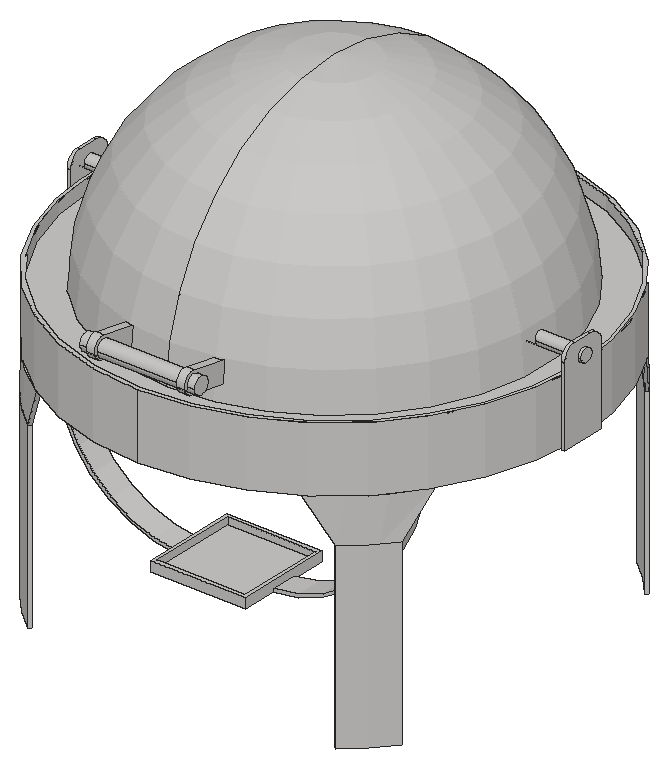
Revit family "QF_Vollrath_46070", category Specialty Equipment, Revit 2016
Family settings
  Part Type = Normal
  Round Connector Dimension = Use Diameter
  OmniClass Number = 23.40.40.14
  OmniClass Title = Food Service Equipment
  Work Plane-Based = No
  Always vertical = Yes
  Cut with Voids When Loaded = No
  Shared = No
  Room Calculation Point = No
Parameters
  Weight in Pounds = 23.62
  Watermarked By = "http://revitwatermark.com"
  URL Cutsheet = ""
  URL = "www.vollrathco.com"
  Status [instance] = ""
  Specification by User [instance] = ""
  Specification by Manufacturer [instance] = ""
  Serial Number [instance] = ""
  Seismic Rating [instance] = ""
  SMACNA No [instance] = ""
  Revision Code [instance] = ""
  NAFEM Spec ID Number [instance] = ""
  Model = "46070"
  Masterspec [instance] = ""
  Manufacturer = "Vollrath"
  Item Number [instance] = "-"
  Installed By [instance] = ""
  Height AFF [instance] = 3' - 0"
  Furnished By [instance] = ""
  Foodservice Equipment Identifier [instance] = yes
  Description = "New York, New York Chafer"
  CSI MasterFormat = "11 40 00"
  Assembly Code = "E1090310"
Reference planes (in)
  plane 1 "BACK": y = 0
  plane 2: z = 0
  plane 3 "LEFT": x = -12
  plane 4 "RIGHT": x = 7
  plane 5 "FRONT": y = -19
  plane 6 "Center LR": y = -9.5
  plane 7 "Center FB": x = -2.5
  plane 8 "Middle": z = 46.5
  plane 9: z = 47.125
  plane 10 "Handle": z = 47.75
  plane 11 "Top of Legs": z = 44.625
  plane 12 "Table Top": z = 36
  plane 13: x = -4.3125
  plane 14: x = -0.6875
  plane 15: y = -7.6875
  plane 16: y = -11.3125
  plane 17: z = 54.5
  plane 18: z = 44.75
  plane 19: z = 39
  plane 20: z = 39.375
  plane 21 "Leg Split": z = 42.9375
  plane 22: y = -14.1875
Forms (in)
  Extrusion 1, solid, material "QF_Finishes_Stainless Steel"
    sketch origin (0, 0, 36) x (0, 1, 0) y (-1, 0, 0)
      loop
        circle (-9.5, 2.5) r 9.375
      loop
        circle (-9.5, 2.5) r 9.25
    from 8.625 to 11.125
  Revolve 2, solid, material "QF_Finishes_Polished Steel"
    sketch origin (-2.5, 0, 0) x (0, 1, 0) y (0, 0, 1)
      loop
        line (-9.5, 46.5) -> (-1.5, 46.5)
        arc (-1.5, 46.5) -> (-3.84315, 52.15685) -> (-9.5, 54.5) r 8
        line (-9.5, 54.5) -> (-9.5, 46.5)
      axis (-9.5, 54.5) -> (-9.5, 46.5)
    angle from 0 to 360
  Extrusion 3, solid, material "QF_Finishes_Polished Steel"
    sketch origin (-2.5, 3.16906, 0) x (0, 1, 0) y (0, 0, 1)
      loop
        line (-19.72558, 47.91823) -> (-21.6853, 48.29916)
        arc (-21.6853, 48.29916) -> (-22.1616, 47.97789) -> (-21.84033, 47.50159) r 0.40625
        line (-21.84033, 47.50159) -> (-19.87978, 47.12049)
        arc (-19.87978, 47.12049) -> (-19.81567, 47.52187) -> (-19.72558, 47.91823) r 6.24134
      loop
        circle (-21.76281, 47.90037) r 0.3125
    from 1.5625 to 1.875
  Extrusion 4, solid, material "QF_Finishes_Polished Steel"
    sketch origin (-2.5, 3.16906, 0) x (0, 1, 0) y (0, 0, 1)
      loop
        line (-19.76189, 47.92529) -> (-21.6853, 48.29916)
        arc (-21.6853, 48.29916) -> (-22.1616, 47.97789) -> (-21.84033, 47.50159) r 0.40625
        line (-21.84033, 47.50159) -> (-19.89767, 47.12397)
        arc (-19.89767, 47.12397) -> (-19.84284, 47.52684) -> (-19.76189, 47.92529) r 6.24134
      loop
        circle (-21.76281, 47.90037) r 0.3125
    from -1.5625 to -1.875
  Extrusion 5, solid, material "QF_Finishes_Polished Steel"
    sketch origin (-2.5, 3.16906, 0) x (0, 1, 0) y (0, 0, 1)
      loop
        circle (-21.76281, 47.90037) r 0.3125
    from -2.1875 to 2.1875
  Revolve 6, solid, material "QF_Finishes_Stainless Steel"
    sketch origin (-2.5, 0, 0) x (0, 1, 0) y (0, 0, 1)
      loop
        line (-9.5, 46.5) -> (-9.5, 44.75) -> (-3.75, 44.75)
        arc (-3.75, 44.75) -> (-3.39645, 44.89645) -> (-3.25, 45.25) r 0.5
        line (-3.25, 45.25) -> (-3.25, 46.5) -> (-9.5, 46.5)
      axis (-9.5, 46.5) -> (-9.5, 44.75)
    angle from 0 to 360
  Extrusion 7, solid, material "QF_Finishes_Stainless Steel"
    sketch origin (0, 0, 46.5) x (0, 1, 0) y (-1, 0, 0)
      loop
        circle (-9.5, 2.5) r 9.25
    from 0 to 0.125
  Extrusion 8, solid, material "QF_Finishes_Stainless Steel"
    sketch origin (0, 0, 36) x (0, 1, 0) y (-1, 0, 0)
      loop
        line (-3.6158, 9.79841) -> (-3.7047, 9.70951)
        arc (-3.7047, 9.70951) -> (-2.95926, 9.04074) -> (-2.29049, 8.2953) r 9.25
        line (-2.29049, 8.2953) -> (-2.20159, 8.3842)
        arc (-2.20159, 8.3842) -> (-2.87087, 9.12913) -> (-3.6158, 9.79841) r 9.375
      loop
        arc (-3.6158, -4.79841) -> (-2.87087, -4.12913) -> (-2.20159, -3.3842) r 9.375
        line (-2.20159, -3.3842) -> (-2.29049, -3.2953)
        arc (-2.29049, -3.2953) -> (-2.95926, -4.04074) -> (-3.7047, -4.70951) r 9.25
        line (-3.7047, -4.70951) -> (-3.6158, -4.79841)
      loop
        arc (-15.3842, 9.79841) -> (-16.12913, 9.12913) -> (-16.79841, 8.3842) r 9.375
        line (-16.79841, 8.3842) -> (-16.70951, 8.2953)
        arc (-16.70951, 8.2953) -> (-16.04074, 9.04074) -> (-15.2953, 9.70951) r 9.25
        line (-15.2953, 9.70951) -> (-15.3842, 9.79841)
      loop
        line (-15.3842, -4.79841) -> (-15.2953, -4.70951)
        arc (-15.2953, -4.70951) -> (-16.04074, -4.04074) -> (-16.70951, -3.2953) r 9.25
        line (-16.70951, -3.2953) -> (-16.79841, -3.3842)
        arc (-16.79841, -3.3842) -> (-16.12913, -4.12913) -> (-15.3842, -4.79841) r 9.375
    from 0 to 6.9375
  Blend 9, solid, material "QF_Finishes_Stainless Steel"
    base sketch origin (0, 0, 44.625) x (0, 1, 0) y (-1, 0, 0)
      loop
        line (-2.29049, 8.2953) -> (-2.20159, 8.3842)
        arc (-2.20159, 8.3842) -> (-2.87087, 9.12913) -> (-3.6158, 9.79841) r 9.375
        line (-3.6158, 9.79841) -> (-3.7047, 9.70951)
        arc (-3.7047, 9.70951) -> (-2.95926, 9.04074) -> (-2.29049, 8.2953) r 9.25
    top sketch origin (0, 0, 44.625) x (0, 1, 0) y (-1, 0, 0)
      loop
        arc (-4.52819, 10.30023) -> (-2.95926, 9.04074) -> (-1.69977, 7.47181) r 9.25
        line (-1.69977, 7.47181) -> (-1.60927, 7.56231)
        arc (-1.60927, 7.56231) -> (-2.87087, 9.12913) -> (-4.43769, 10.39073) r 9.375
        line (-4.43769, 10.39073) -> (-4.52819, 10.30023)
    from -1.6875 to 0
  Blend 10, solid, material "QF_Finishes_Stainless Steel"
    base sketch origin (-5, 0, 44.625) x (0, 1, 0) y (-1, 0, 0)
      loop
        arc (-2.29049, -8.2953) -> (-2.95926, -9.04074) -> (-3.7047, -9.70951) r 9.25
        line (-3.7047, -9.70951) -> (-3.6158, -9.79841)
        arc (-3.6158, -9.79841) -> (-2.87087, -9.12913) -> (-2.20159, -8.3842) r 9.375
        line (-2.20159, -8.3842) -> (-2.29049, -8.2953)
    top sketch origin (-5, 0, 44.625) x (0, 1, 0) y (-1, 0, 0)
      loop
        line (-4.52819, -10.30023) -> (-4.43769, -10.39073)
        arc (-4.43769, -10.39073) -> (-2.87087, -9.12913) -> (-1.60927, -7.56231) r 9.375
        line (-1.60927, -7.56231) -> (-1.69977, -7.47181)
        arc (-1.69977, -7.47181) -> (-2.95926, -9.04074) -> (-4.52819, -10.30023) r 9.25
    from -1.6875 to 0
  Blend 11, solid, material "QF_Finishes_Stainless Steel"
    base sketch origin (0, -19, 44.625) x (0, -1, 0) y (1, 0, 0)
      loop
        arc (-2.29049, -8.2953) -> (-2.95926, -9.04074) -> (-3.7047, -9.70951) r 9.25
        line (-3.7047, -9.70951) -> (-3.6158, -9.79841)
        arc (-3.6158, -9.79841) -> (-2.87087, -9.12913) -> (-2.20159, -8.3842) r 9.375
        line (-2.20159, -8.3842) -> (-2.29049, -8.2953)
    top sketch origin (0, -19, 44.625) x (0, -1, 0) y (1, 0, 0)
      loop
        line (-4.52819, -10.30023) -> (-4.43769, -10.39073)
        arc (-4.43769, -10.39073) -> (-2.87087, -9.12913) -> (-1.60927, -7.56231) r 9.375
        line (-1.60927, -7.56231) -> (-1.69977, -7.47181)
        arc (-1.69977, -7.47181) -> (-2.95926, -9.04074) -> (-4.52819, -10.30023) r 9.25
    from -1.6875 to 0
  Blend 12, solid, material "QF_Finishes_Stainless Steel"
    base sketch origin (-5, -19, 44.625) x (0, -1, 0) y (1, 0, 0)
      loop
        line (-2.29049, 8.2953) -> (-2.20159, 8.3842)
        arc (-2.20159, 8.3842) -> (-2.87087, 9.12913) -> (-3.6158, 9.79841) r 9.375
        line (-3.6158, 9.79841) -> (-3.7047, 9.70951)
        arc (-3.7047, 9.70951) -> (-2.95926, 9.04074) -> (-2.29049, 8.2953) r 9.25
    top sketch origin (-5, -19, 44.625) x (0, -1, 0) y (1, 0, 0)
      loop
        arc (-4.52819, 10.30023) -> (-2.95926, 9.04074) -> (-1.69977, 7.47181) r 9.25
        line (-1.69977, 7.47181) -> (-1.60927, 7.56231)
        arc (-1.60927, 7.56231) -> (-2.87087, 9.12913) -> (-4.43769, 10.39073) r 9.375
        line (-4.43769, 10.39073) -> (-4.52819, 10.30023)
    from -1.6875 to 0
  Extrusion 13, solid, material "QF_Finishes_Stainless Steel"
    sketch origin (-12, 0, 0) x (0, 1, 0) y (0, 0, 1)
      loop
        line (-8.625, 44.625) -> (-8.625, 47.625)
        arc (-8.625, 47.625) -> (-8.77145, 47.97855) -> (-9.125, 48.125) r 0.5
        line (-9.125, 48.125) -> (-9.875, 48.125)
        arc (-9.875, 48.125) -> (-10.22855, 47.97855) -> (-10.375, 47.625) r 0.5
        line (-10.375, 47.625) -> (-10.375, 44.625) -> (-8.625, 44.625)
      loop
        circle (-9.5, 47.5625) r 0.25
    from 0 to 0.125
  Extrusion 14, solid, material "QF_Finishes_Stainless Steel"
    sketch origin (-12, 0, 0) x (0, 1, 0) y (0, 0, 1)
      loop
        circle (-9.5, 47.5625) r 0.25
    from -0.125 to 2
  Extrusion 15, solid, material "QF_Finishes_Stainless Steel"
    sketch origin (7, 0, 0) x (0, 1, 0) y (0, 0, 1)
      loop
        line (-8.625, 44.625) -> (-8.625, 47.625)
        arc (-8.625, 47.625) -> (-8.77145, 47.97855) -> (-9.125, 48.125) r 0.5
        line (-9.125, 48.125) -> (-9.875, 48.125)
        arc (-9.875, 48.125) -> (-10.22855, 47.97855) -> (-10.375, 47.625) r 0.5
        line (-10.375, 47.625) -> (-10.375, 44.625) -> (-8.625, 44.625)
      loop
        circle (-9.5, 47.5625) r 0.25
    from 0 to -0.125
  Extrusion 16, solid, material "QF_Finishes_Stainless Steel"
    sketch origin (7, 0, 0) x (0, 1, 0) y (0, 0, 1)
      loop
        circle (-9.5, 47.5625) r 0.25
    from 0.125 to -2
  Extrusion 17, solid, material "QF_Finishes_Stainless Steel"
    sketch origin (-240, 46.76163, 39) x (0, 1, 0) y (-1, 0, 0)
      loop
        line (-59.13663, -235.6875) -> (-62.76163, -235.6875) -> (-62.76163, -239.3125) -> (-59.13663, -239.3125) -> (-59.13663, -235.6875)
      loop
        line (-59.26163, -235.8125) -> (-62.63663, -235.8125) -> (-62.63663, -239.1875) -> (-59.26163, -239.1875) -> (-59.26163, -235.8125)
    from 0 to 0.375
  Extrusion 18, solid, material "QF_Finishes_Stainless Steel"
    sketch origin (-240, 46.76163, 39) x (0, 1, 0) y (-1, 0, 0)
      loop
        line (-59.26163, -235.8125) -> (-62.63663, -235.8125) -> (-62.63663, -239.1875) -> (-59.26163, -239.1875) -> (-59.26163, -235.8125)
    from 0 to 0.125
  Extrusion 19, solid, material "QF_Finishes_Stainless Steel"
    sketch origin (0, -14.1875, 0) x (1, 0, 0) y (0, 0, 1)
      loop
        line (-9, 46.5) -> (-9, 43.99939)
        arc (-9, 43.99939) -> (-7.64484, 40.57278) -> (-4.3125, 39) r 5.00977
        line (-4.3125, 39) -> (-4.3125, 39.12527)
        arc (-4.3125, 39.12527) -> (-7.5564, 40.66122) -> (-8.875, 43.99939) r 4.88477
        line (-8.875, 43.99939) -> (-8.875, 46.5) -> (-9, 46.5)
      loop
        line (4.3125, 46.5) -> (4.1875, 46.5) -> (4.1875, 44.3125)
        arc (4.1875, 44.3125) -> (2.77748, 40.75324) -> (-0.6875, 39.12524) r 5.19727
        line (-0.6875, 39.12524) -> (-0.6875, 39)
        arc (-0.6875, 39) -> (2.86591, 40.66481) -> (4.3125, 44.3125) r 5.32227
        line (4.3125, 44.3125) -> (4.3125, 46.5)
    from -0.5 to 0.5
Lines and regions (in)
  symbolic lines
    curve 1: circle (-2.5, -9.5, 36) r 8 normal (0, 0, 1)
    curve 2: line (-4.375, -17.27717, 36) -> (-4.375, -19, 36)
    curve 3: line (-4.0625, -19, 36) -> (-4.0625, -17.34593, 36)
    curve 4: line (-4.6875, -18.28125, 36) -> (-4.6875, -18.90625, 36)
    curve 5: line (-0.3125, -18.90625, 36) -> (-0.3125, -18.28125, 36)
    curve 6: line (-0.625, -19, 36) -> (-0.625, -17.27717, 36)
    curve 7: line (-0.9375, -17.34593, 36) -> (-0.9375, -19, 36)
    curve 8: line (-4.6875, -18.28125, 36) -> (-4.375, -18.28125, 36)
    curve 9: line (-4.0625, -18.28125, 36) -> (-0.9375, -18.28125, 36)
    curve 10: line (-0.3125, -18.90625, 36) -> (-0.625, -18.90625, 36)
    curve 11: line (-4.375, -19, 36) -> (-4.0625, -19, 36)
    curve 12: line (-0.9375, -19, 36) -> (-0.625, -19, 36)
    curve 13: line (-4.375, -18.90625, 36) -> (-4.6875, -18.90625, 36)
    curve 14: line (-0.9375, -18.90625, 36) -> (-4.0625, -18.90625, 36)
    curve 15: line (-0.625, -18.28125, 36) -> (-0.3125, -18.28125, 36)
    curve 16: arc (-2.5, -0.125, 46.5) -> (-11.81008, -8.39862, 46.5) -> (-4.6875, -18.61622, 46.5) r 9.375
    curve 17: arc (-0.3125, -18.61622, 46.5) -> (6.81008, -8.39862, 46.5) -> (-2.5, -0.125, 46.5) r 9.375
Dimensions and locks (in)
  locked: plane 5 "FRONT" to plane 1 "BACK" at 19
  locked: plane 3 "LEFT" to plane 4 "RIGHT" at 19
  equal spacing: plane 5 "FRONT", plane 6 "Center LR", plane 1 "BACK"
  equal spacing: plane 3 "LEFT", plane 7 "Center FB", plane 4 "RIGHT"
  plane 13 to plane 7 "Center FB" to plane 14 = 0' - 1 13/16" locked, 0' - 1 13/16" locked
  plane 16 to plane 6 "Center LR" to plane 15 = 0' - 1 13/16" locked, 0' - 1 13/16" locked
  locked: plane 10 "Handle" to plane 9 at 0.625
  plane 9 to plane 12 "Table Top" = 0' - 11 1/8"
  locked: plane 9 to plane 8 "Middle" at 0.625
  locked: plane 17 to plane 12 "Table Top" at 18.5
  locked: plane 9 to plane 11 "Top of Legs" at 2.5
  locked: plane 18 to plane 11 "Top of Legs" at 0.125
  locked: plane 11 "Top of Legs" to plane 19 at 5.625
  locked: plane 20 to plane 19 at 0.375
  locked: plane 21 "Leg Split" to plane 12 "Table Top" at 6.9375
  "Height AFF": plane 12 "Table Top" to level
  locked: plane 5 "FRONT" to plane 22 at 4.8125
  aligned and locked: level to plane 2
  aligned and locked: plane 9 to Extrusion 1
  aligned and locked: plane 8 "Middle" to Revolve 2 sketch curve
  aligned and locked: plane 6 "Center LR" to Revolve 6 sketch curve
  aligned and locked: Extrusion 1 to plane 11 "Top of Legs"
  aligned and locked: plane 8 "Middle" to Revolve 6 sketch curve
  aligned and locked: Revolve 6 sketch curve to plane 18
  aligned and locked: plane 21 "Leg Split" to Extrusion 8
  aligned and locked: Blend 9 to plane 21 "Leg Split"
  aligned and locked: plane 11 "Top of Legs" to Blend 9
  aligned and locked: Extrusion 13 sketch curve to plane 11 "Top of Legs"
Automatic sketch dimensions
  Extrusion 1 sketch curve to Extrusion 1 sketch curve = 0' - 0"  (x2)
  plane 6 "Center LR" to Extrusion 1 sketch curve = 0' - 0"
  Extrusion 1 sketch curve to plane 7 "Center FB" = 0' - 0"
  Revolve 2 sketch curve to plane 6 "Center LR" = 0' - 0"  (x2)
  Revolve 2 sketch curve to plane 17 = 0' - 0"
  Revolve 2 sketch curve to level = 2' - 0"
  plane 17 to Revolve 2 sketch curve = 1' - 3.40971"
  Extrusion 3 sketch curve to Extrusion 3 sketch curve = 0' - 0"  (x2)
  Extrusion 3 sketch curve to plane 5 "FRONT" = 0' - 0.32873"
  plane 10 "Handle" to Extrusion 3 sketch curve = 0' - 0.15037"
  Extrusion 3 sketch curve to Extrusion 3 sketch curve = 0' - 0.07752"  (x2)
  Extrusion 3 sketch curve to plane 9 = 0' - 0.00451"
  plane 10 "Handle" to Extrusion 3 sketch curve = 0' - 0.16823"
  Extrusion 3 sketch curve to Extrusion 3 sketch curve = 0' - 0.15421"
  Extrusion 3 sketch curve to plane 8 "Middle" = 0' - 0.16269"
  Extrusion 3 sketch curve to plane 10 "Handle" = 0' - 0.24841"
  Extrusion 4 sketch curve to Extrusion 4 sketch curve = 0' - 0"  (x2)
  Extrusion 4 sketch curve to plane 5 "FRONT" = 0' - 0.32873"
  plane 10 "Handle" to Extrusion 4 sketch curve = 0' - 0.15037"
  Extrusion 4 sketch curve to Extrusion 4 sketch curve = 0' - 0.07752"  (x2)
  Extrusion 4 sketch curve to plane 9 = 0' - 0.00103"
  plane 10 "Handle" to Extrusion 4 sketch curve = 0' - 0.17529"
  Extrusion 4 sketch curve to Extrusion 4 sketch curve = 0' - 0.13578"
  Extrusion 4 sketch curve to plane 8 "Middle" = 0' - 0.01587"
  Extrusion 4 sketch curve to plane 10 "Handle" = 0' - 0.24841"
  plane 10 "Handle" to Extrusion 5 sketch curve = 0' - 0.15037"
  Extrusion 5 sketch curve to plane 5 "FRONT" = 0' - 0 13/32"
  Revolve 6 sketch curve to plane 6 "Center LR" = 0' - 0"
  plane 1 "BACK" to Revolve 6 sketch curve = 0' - 3 3/4"
  Revolve 6 sketch curve to Revolve 6 sketch curve = 0' - 0 1/2"
  Revolve 6 sketch curve to level = 2' - 0"
  plane 17 to Revolve 6 sketch curve = 1' - 5.65238"
  plane 5 "FRONT" to curve 7 = 0' - 0"
  plane 5 "FRONT" to curve 2 = 0' - 0"
  plane 6 "Center LR" to curve 1 = 0' - 0"
  curve 1 to plane 7 "Center FB" = 0' - 0"
  curve 14 to plane 5 "FRONT" = 0' - 0 3/32"
  curve 13 to plane 5 "FRONT" = 0' - 0 3/32"
  curve 5 to plane 5 "FRONT" = 0' - 0 3/32"
  plane 13 to curve 9 = 0' - 0 1/4"
  curve 14 to curve 9 = 0' - 0 5/8"
  curve 9 to curve 15 = 0' - 0"
  curve 8 to curve 9 = 0' - 0"
  curve 9 to curve 3 = 0' - 0.93532"
  plane 14 to curve 7 = 0' - 0 1/4"
  curve 2 to plane 13 = 0' - 0 1/16"
  curve 6 to plane 14 = 0' - 0 1/16"
  curve 10 to curve 10 = 0' - 0 5/16"
  curve 8 to curve 8 = 0' - 0 5/16"
  plane 6 "Center LR" to Extrusion 7 sketch curve = 0' - 0"
  Extrusion 7 sketch curve to plane 7 "Center FB" = 0' - 0"
  curve 16 to curve 17 = 0' - 0"  (x2)
  plane 6 "Center LR" to curve 17 = 0' - 0"
  curve 17 to plane 7 "Center FB" = 0' - 0"
  curve 16 to plane 5 "FRONT" = 0' - 0.38378"
  curve 17 to plane 5 "FRONT" = 0' - 0.38378"
  plane 1 "BACK" to curve 17 = 0' - 0 1/8"
  Extrusion 8 sketch curve to Extrusion 8 sketch curve = 0' - 0"  (x14)
  plane 6 "Center LR" to Extrusion 8 sketch curve = 0' - 0"
  Extrusion 8 sketch curve to plane 7 "Center FB" = 0' - 0"
  Extrusion 8 sketch curve to Extrusion 8 sketch curve = 0' - 0.0889"  (x12)
  plane 1 "BACK" to Extrusion 8 sketch curve = 0' - 3.7047"  (x2)
  Extrusion 8 sketch curve to Extrusion 8 sketch curve = 0' - 1.41421"  (x4)
  Extrusion 8 sketch curve to plane 4 "RIGHT" = 0' - 3.7047"  (x2)
  plane 3 "LEFT" to Extrusion 8 sketch curve = 0' - 3.7047"  (x2)
  Blend 9 sketch curve to Blend 9 sketch curve = 0' - 0"  (x4)
  plane 6 "Center LR" to Blend 9 sketch curve = 0' - 0"  (x2)
  Blend 9 sketch curve to plane 7 "Center FB" = 0' - 0"  (x2)
  plane 1 "BACK" to Blend 9 sketch curve = 0' - 3.7047"
  Blend 9 sketch curve to Blend 9 sketch curve = 0' - 0.0889"  (x3)
  Blend 9 sketch curve to Blend 9 sketch curve = 0' - 1.41421"
  plane 3 "LEFT" to Blend 9 sketch curve = 0' - 3.7047"
  Blend 9 sketch curve to plane 15 = 0' - 3.15931"
  plane 3 "LEFT" to Blend 9 sketch curve = 0' - 1.60927"
  Blend 9 sketch curve to Blend 9 sketch curve = 0' - 0.0905"  (x3)
  plane 1 "BACK" to Blend 9 sketch curve = 0' - 1.69977"
  Blend 10 sketch curve to Blend 10 sketch curve = 0' - 0"  (x4)
  plane 6 "Center LR" to Blend 10 sketch curve = 0' - 0"  (x2)
  Blend 10 sketch curve to plane 7 "Center FB" = 0' - 0"  (x2)
  Blend 10 sketch curve to plane 1 "BACK" = 0' - 3.7047"
  Blend 10 sketch curve to Blend 10 sketch curve = 0' - 0.0889"  (x3)
  Blend 10 sketch curve to Blend 10 sketch curve = 0' - 1.41421"
  plane 4 "RIGHT" to Blend 10 sketch curve = 0' - 3.7047"
  plane 15 to Blend 10 sketch curve = 0' - 3.15931"
  plane 4 "RIGHT" to Blend 10 sketch curve = 0' - 1.60927"
  Blend 10 sketch curve to Blend 10 sketch curve = 0' - 0.0905"  (x3)
  Blend 10 sketch curve to plane 1 "BACK" = 0' - 1.69977"
  Blend 11 sketch curve to Blend 11 sketch curve = 0' - 0"  (x4)
  plane 6 "Center LR" to Blend 11 sketch curve = 0' - 0"  (x2)
  Blend 11 sketch curve to plane 7 "Center FB" = 0' - 0"  (x2)
  Blend 11 sketch curve to Blend 11 sketch curve = 0' - 0.0889"  (x3)
  Blend 11 sketch curve to plane 3 "LEFT" = 0' - 3.7047"
  Blend 11 sketch curve to Blend 11 sketch curve = 0' - 0.0905"  (x3)
  plane 5 "FRONT" to Blend 11 sketch curve = 0' - 1.69977"
  plane 13 to Blend 11 sketch curve = 0' - 3.15931"
  Blend 12 sketch curve to Blend 12 sketch curve = 0' - 0"  (x4)
  plane 6 "Center LR" to Blend 12 sketch curve = 0' - 0"  (x2)
  Blend 12 sketch curve to plane 7 "Center FB" = 0' - 0"  (x2)
  Blend 12 sketch curve to Blend 12 sketch curve = 0' - 0.0889"  (x3)
  Blend 12 sketch curve to plane 4 "RIGHT" = 0' - 3.7047"
  Blend 12 sketch curve to Blend 12 sketch curve = 0' - 0.0905"  (x3)
  Blend 12 sketch curve to plane 5 "FRONT" = 0' - 1.69977"
  Blend 12 sketch curve to plane 14 = 0' - 3.15931"
  Extrusion 13 sketch curve to plane 6 "Center LR" = 0' - 0"
  plane 6 "Center LR" to Extrusion 13 sketch curve = 0' - 0 3/8"
  Extrusion 13 sketch curve to plane 10 "Handle" = 0' - 0 1/8"  (x2)
  Extrusion 13 sketch curve to Extrusion 13 sketch curve = 0' - 0 1/2"
  Extrusion 13 sketch curve to plane 6 "Center LR" = 0' - 0 3/8"
  Extrusion 13 sketch curve to plane 10 "Handle" = 0' - 0 3/16"
  Extrusion 14 sketch curve to Extrusion 14 sketch curve = 0' - 0"  (x2)
  Extrusion 14 sketch curve to plane 6 "Center LR" = 0' - 0"
  Extrusion 14 sketch curve to Extrusion 14 sketch curve = 0' - 0 1/4"
  Extrusion 14 sketch curve to plane 10 "Handle" = 0' - 0 3/16"
  Extrusion 15 sketch curve to plane 11 "Top of Legs" = 0' - 0"
  Extrusion 15 sketch curve to plane 6 "Center LR" = 0' - 0"
  plane 6 "Center LR" to Extrusion 15 sketch curve = 0' - 0 3/8"
  Extrusion 15 sketch curve to plane 10 "Handle" = 0' - 0 1/8"  (x2)
  Extrusion 15 sketch curve to Extrusion 15 sketch curve = 0' - 0 1/2"
  Extrusion 15 sketch curve to plane 6 "Center LR" = 0' - 0 3/8"
  Extrusion 15 sketch curve to plane 10 "Handle" = 0' - 0 3/16"
  Extrusion 16 sketch curve to Extrusion 16 sketch curve = 0' - 0"  (x2)
  Extrusion 16 sketch curve to plane 6 "Center LR" = 0' - 0"
  Extrusion 16 sketch curve to Extrusion 16 sketch curve = 0' - 0 1/4"
  Extrusion 16 sketch curve to plane 10 "Handle" = 0' - 0 3/16"
  Extrusion 17 sketch curve to plane 14 = 0' - 0"
  Extrusion 17 sketch curve to plane 13 = 0' - 0"
  Extrusion 17 sketch curve to Extrusion 17 sketch curve = 0' - 0 1/8"  (x2)
  plane 14 to Extrusion 17 sketch curve = 0' - 0 1/8"
  plane 13 to Extrusion 17 sketch curve = 0' - 0 1/8"
  plane 14 to Extrusion 18 sketch curve = 0' - 0 1/8"
  plane 13 to Extrusion 18 sketch curve = 0' - 0 1/8"
  Extrusion 19 sketch curve to Extrusion 19 sketch curve = 0' - 0"  (x4)
  Extrusion 19 sketch curve to plane 8 "Middle" = 0' - 0"  (x2)
  Extrusion 19 sketch curve to plane 13 = 0' - 0"
  plane 14 to Extrusion 19 sketch curve = 0' - 0"
  Extrusion 19 sketch curve to plane 19 = 0' - 0"  (x2)
  plane 3 "LEFT" to Extrusion 19 sketch curve = 0' - 3 1/8"
  Extrusion 19 sketch curve to Extrusion 19 sketch curve = 0' - 0 1/8"  (x2)
  plane 13 to Extrusion 19 sketch curve = 0' - 0.32227"
  plane 14 to Extrusion 19 sketch curve = 0' - 0.32227"
  Extrusion 19 sketch curve to plane 11 "Top of Legs" = 0' - 0 5/16"
  Extrusion 3 sketch curve to Extrusion 3 sketch curve = 0' - 1.96055"
  Extrusion 4 sketch curve to Extrusion 4 sketch curve = 0' - 1.94266"
  plane 22 to Extrusion 8 sketch curve = 0' - 1.1078"  (x2)
  Blend 11 sketch curve to plane 22 = 0' - 1.1078"
  Blend 11 sketch curve to Blend 11 sketch curve = 0' - 1.41421"
  Blend 11 sketch curve to plane 22 = 0' - 0.28431"
  plane 22 to Blend 12 sketch curve = 0' - 1.1078"
  Blend 12 sketch curve to Blend 12 sketch curve = 0' - 1.41421"
  plane 22 to Blend 12 sketch curve = 0' - 0.28431"
  Extrusion 17 sketch curve to plane 5 "FRONT" = 0' - 3"
  Extrusion 17 sketch curve to plane 22 = 0' - 1 11/16"
  Extrusion 18 sketch curve to plane 5 "FRONT" = 0' - 3 1/8"
  Extrusion 18 sketch curve to plane 22 = 0' - 1 11/16"
  radius of Extrusion 1 sketch curve = 0' - 9 3/8"
  radius of Extrusion 1 sketch curve = 0' - 9 1/4"
  radius of Extrusion 3 sketch curve = 0' - 0 5/16"
  radius of Extrusion 4 sketch curve = 0' - 0 5/16"
  radius of Extrusion 5 sketch curve = 0' - 0 5/16"
  radius of Extrusion 7 sketch curve = 0' - 9 1/4"
  radius of Extrusion 13 sketch curve = 0' - 0 1/4"
  radius of Extrusion 15 sketch curve = 0' - 0 1/4"
